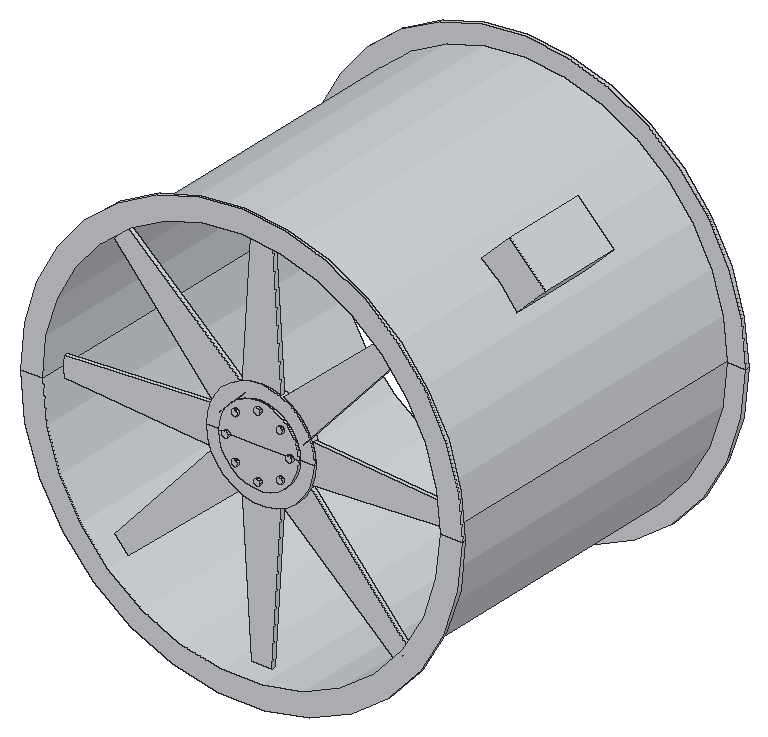
Revit family "CADS_Vent-Axia_MechEquip_Fan_LCA_630_3Ph4P - SUPPLY", category Mechanical Equipment, Revit 2020
Family settings
  Round Connector Dimension = Use Diameter
  Part Type = Normal
  OmniClass Number = 23.75.00.00
  OmniClass Title = Climate Control (HVAC)
  Work Plane-Based = No
  Always vertical = Yes
  Cut with Voids When Loaded = No
  Shared = No
  Room Calculation Point = No
Parameters (values of type "LCA633410")
  nr = NominalDiameter / 2  # 315 mm
  WorkingPressure = 0.0 Pa
  WarrantyStartDate [instance] = "1900-12-31T23:59:59"
  WarrantyPeriod = ""
  WarrantyIdentifier = "N/A"
  WarrantyGuarantorParts = "tech@vent-axia.com"
  WarrantyGuarantorLabor = "tech@vent-axia.com"
  WarrantyGuarantor = "Vent-Axia Limited"
  WarrantyEndDate [instance] = "1900-12-31T23:59:59"
  WarrantyContent = ""
  TemperatureRange = ""
  TagNumber [instance] = "N/A"
  SustainabilityPerformance = ""
  Status = "New"
  Size = ""
  Shape = ""
  ServiceLifeType = ""
  ServiceLifeDuration = ""
  SerialNumber [instance] = "N/A"
  ReplacementCost = ""
  RatedVoltage = 0 V
  RatedCurrent = 0 A
  Quantity = 1
  ProductionYear = ""
  PressureCurve = ""
  PowerFactor = ""
  PointOfContact = ""
  NumberOfPoles = 0
  NominalWidth = 630 mm
  NominalLength = 565 mm
  NominalHeight = 630 mm
  NominalFrequencyRange = ""
  NominalDiameter = 630 mm
  ModelReference = "LCAX 630mm 3PH 4P 10DEG"
  ModelNumber = "LCA633410"
  Material = ""
  ManufacturerE-Mail = "tech@vent-axia.com"
  ManufacturerAddress = "Fleming Way\nCrawley \nRH10 9YX"
  IsExtendedWarranty = no
  InsulationStandardClass = ""
  InstallationDate [instance] = "1900-12-31T23:59:59"
  IfcExportType [instance] = ""
  IfcExportAs = "IfcFanType"
  IP_Code = ""
  HasProtectiveEarth = no
  GrossWeight = 0.00 kg
  Grade = ""
  GlobalTradeItemNumber [instance] = "N/A"
  Fitting Type = "Ignore"
  Finish = ""
  Features = ""
  ExteriorInsulation = no
  ExpectedServiceLife = 0
  Exclusions = ""
  DurationUnit = "Year"
  Default Elevation = 0 mm
  Constituents = ""
  ConductorFunction = ""
  Color = ""
  CodePerformance = ""
  Category = ""
  CADS_Usage = 0
  CADS_Index = 0
  AssetType = "FIXED"
  AssetIdentifier [instance] = "N/A"
  AssemblyPlace = "UNKNOWN"
  ArticleNumber [instance] = "N/A"
  AirflowRateRange = 0.0 L/s
  Air Flow [instance] = 0.0 L/s
  AccessibilityPerformance = ""
Types (16, lengths in mm): name | ModelReference | ModelNumber
  LCA633410 | "LCAX 630mm 3PH 4P 10DEG" | "LCA633410"
  LCA633412 | "LCAX 630mm 3PH 4P 12DEG" | "LCA633412"
  LCA633414 | "LCAX 630mm 3PH 4P 14DEG" | "LCA633414"
  LCA633416 | "LCAX 630mm 3PH 4P 16DEG" | "LCA633416"
  LCA633418 | "LCAX 630mm 3PH 4P 18DEG" | "LCA633418"
  LCA633420 | "LCAX 630mm 3PH 4P 20DEG" | "LCA633420"
  LCA633422 | "LCAX 630mm 3PH 4P 22DEG" | "LCA633422"
  LCA633424 | "LCAX 630mm 3PH 4P 24DEG" | "LCA633424"
  LCA633426 | "LCAX 630mm 3PH 4P 26DEG" | "LCA633426"
  LCA633428 | "LCAX 630mm 3PH 4P 28DEG" | "LCA633428"
  LCA633430 | "LCAX 630mm 3PH 4P 30DEG" | "LCA633430"
  LCA633432 | "LCAX 630mm 3PH 4P 32DEG" | "LCA633432"
  LCA633434 | "LCAX 630mm 3PH 4P 34DEG" | "LCA633434"
  LCA633436 | "LCAX 630mm 3PH 4P 36DEG" | "LCA633436"
  LCA633438 | "LCAX 630mm 3PH 4P 38DEG" | "LCA633438"
  LCA633440 | "LCAX 630mm 3PH 4P 40DEG" | "LCA633440"
Reference planes
  plane 1 "Center (Front/Back)": y = 0
  plane 2: z = 0
  plane 3 "Center (Left/Right)": x = 0
  plane 4: x = -315
  plane 5: x = 315
  plane 6 "F": y = -282.5
  plane 7 "B": y = 282.5
  plane 8: x = -350
  plane 9: y = 277.5
  plane 10: y = -277.5
  plane 11: x = -320
  plane 12: y = -242.5
  plane 13 "top": z = 315
  plane 14: z = -315
  plane 15 "45deg": through (0, -1524, 0) normal (-0.7071, 0, -0.7071)
  plane 16 "C": through (0, -1524, 0) normal (-0.7071, 0, 0.7071)
Forms (mm)
  Revolve 1, solid
    sketch origin (0, 0, 0) x (1, 0, 0) y (0, 1, 0)
      loop
        line (-350, -282.5) -> (-315, -282.5) -> (-315, 282.5) -> (-350, 282.5) -> (-350, 277.5) -> (-320, 277.5) -> (-320, -277.5) -> (-350, -277.5) -> (-350, -282.5)
      axis (0, 282.5) -> (0, -282.5)
    angle from 0 to 360
  Sweep 2, solid
    path origin (0, 0, 0) x (1, 0, 0) y (0, 0, 1)
      loop
        line (222.739, 222.739) -> (268.701, 268.701)
    profile origin (245.72, 0, 245.72) x (-0.707107, 0, 0.707107) y (0, -1, 0)
      loop
        line (37.5, 55) -> (-42.73, 55) -> (-42.73, -79.5) -> (37.5, -79.5) -> (37.5, 55)
Dimensions and locks
  equal spacing: plane 4, plane 3 "Center (Left/Right)", plane 5
  equal spacing: plane 7 "B", plane 1 "Center (Front/Back)", plane 6 "F"
  "NominalLength": plane 7 "B" to plane 6 "F"
  "NominalDiameter": plane 4 to plane 5
  locked: plane 11 to plane 4 at 5
  locked: plane 8 to plane 11 at 30
  locked: plane 6 "F" to plane 10 at 5
  locked: plane 7 "B" to plane 9 at 5
  locked: plane 6 "F" to plane 12 at 40
  equal spacing: plane 13 "top", level, plane 14
  "NominalDiameter": plane 13 "top" to plane 14
  "nr": Sweep 2 sketch curve to nested 13
  Sweep 2 sketch curve to Sweep 2 sketch curve = 65 mm
  aligned and locked: level to plane 2
  aligned and locked: nested 1 to plane 12
Automatic sketch dimensions
  plane 6 "F" to Revolve 1 sketch curve = 0 mm
  Revolve 1 sketch curve to plane 8 = 0 mm  (x2)
  plane 10 to Revolve 1 sketch curve = 0 mm
  Revolve 1 sketch curve to plane 11 = 0 mm
  Revolve 1 sketch curve to plane 4 = 0 mm
  Revolve 1 sketch curve to plane 3 "Center (Left/Right)" = 0 mm
  plane 1 "Center (Front/Back)" to Revolve 1 sketch curve = 0 mm
  Revolve 1 sketch curve to plane 9 = 0 mm
  Revolve 1 sketch curve to plane 7 "B" = 0 mm
  plane 6 "F" to Revolve 1 sketch curve = 115 mm
  plane 1 "Center (Front/Back)" to Sweep 2 sketch curve = 55 mm
  Sweep 2 sketch curve to profile plane = 37.5 mm
  Sweep 2 sketch curve to Sweep 2 sketch curve = 80.23 mm
  Sweep 2 sketch curve to Sweep 2 sketch curve = 134.5 mm
  Sweep 2 sketch curve to plane 16 "C" = 0 mm  (x2)
Nested families
  nested 1: "Fan for ESC" at (0, -242.5, 0), ND <- "NominalDiameter", type "Fan for ESC"
    with hub 63 mm, ND 630 mm, BoltPCD 50.4 mm, Bolt Count 8, B_Diam 10 mm
  nested 2: "Bolts" at (0, -251.672, -50.4) x (-1, 0, 0) z (0, 1, 0), type "Bolts"
    with bd 10 mm
  nested 3: "Bolts" at (-35.638, -251.672, -35.638) x (-0.7071, 0, 0.7071) z (0, 1, 0), type "Bolts"
    with bd 10 mm
  nested 4: "Bolts" at (-50.4, -251.672, 0) x (0, 0, 1) z (0, 1, 0), type "Bolts"
    with bd 10 mm
  nested 5: "Bolts" at (-35.638, -251.672, 35.638) x (0.7071, 0, 0.7071) z (0, 1, 0), type "Bolts"
    with bd 10 mm
  nested 6: "Bolts" at (35.638, -251.672, 35.638) x (0.7071, 0, -0.7071) z (0, 1, 0), type "Bolts"
    with bd 10 mm
  nested 7: "Bolts" at (0, -251.672, 50.4) x (1, 0, 0) z (0, 1, 0), type "Bolts"
    with bd 10 mm
  nested 8: "ESC Blade" at (0, -242.5, 0), type "ESC Blade"
    with a 20.00°, HR 63 mm, HD 126 mm, BT 31.5 mm, BR 252 mm, BH 40 mm, BD 630 mm, BB 63 mm
  nested 9: "ESC Blade" at (0, -242.5, 0) x (0.7071, 0, -0.7071) z (0.7071, 0, 0.7071), type "ESC Blade"
    with a 20.00°, HR 63 mm, HD 126 mm, BT 31.5 mm, BR 252 mm, BH 40 mm, BD 630 mm, BB 63 mm
  nested 10: "ESC Blade" at (0, -242.5, 0) x (0, 0, -1) z (1, 0, 0), type "ESC Blade"
    with a 20.00°, HR 63 mm, HD 126 mm, BT 31.5 mm, BR 252 mm, BH 40 mm, BD 630 mm, BB 63 mm
  nested 11: "ESC Blade" at (0, -242.5, 0) x (-0.7071, 0, -0.7071) z (0.7071, 0, -0.7071), type "ESC Blade"
    with a 20.00°, HR 63 mm, HD 126 mm, BT 31.5 mm, BR 252 mm, BH 40 mm, BD 630 mm, BB 63 mm
  nested 12: "ESC Blade" at (0, -242.5, 0) x (-1, 0, 0) z (0, 0, -1), type "ESC Blade"
    with a 20.00°, HR 63 mm, HD 126 mm, BT 31.5 mm, BR 252 mm, BH 40 mm, BD 630 mm, BB 63 mm
  nested 13: "ESC Blade" at (0, -242.5, 0) x (-0.7071, 0, -0.7071) z (-0.7071, 0, 0.7071), type "ESC Blade"
    with a 20.00°, HR 63 mm, HD 126 mm, BT 31.5 mm, BR 252 mm, BH 40 mm, BD 630 mm, BB 63 mm
  nested 14: "ESC Blade" at (0, -242.5, 0) x (0, 0, -1) z (-1, 0, 0), type "ESC Blade"
    with a 20.00°, HR 63 mm, HD 126 mm, BT 31.5 mm, BR 252 mm, BH 40 mm, BD 630 mm, BB 63 mm
  nested 15: "ESC Blade" at (0, -242.5, 0) x (0.7071, 0, -0.7071) z (-0.7071, 0, -0.7071), type "ESC Blade"
    with a 20.00°, HR 63 mm, HD 126 mm, BT 31.5 mm, BR 252 mm, BH 40 mm, BD 630 mm, BB 63 mm
  nested 16: "Bolts" at (50.4, -251.672, 0) x (0, 0, -1) z (0, 1, 0), type "Bolts"
    with bd 10 mm
  nested 17: "Bolts" at (35.638, -251.672, -35.638) x (-0.7071, 0, -0.7071) z (0, 1, 0), type "Bolts"
    with bd 10 mm
Connectors
  hvac at (0, -282.5, 0), driven by "NominalDiameter", driven by "Air Flow"
    settings: on Revolve 1, index 1, duct flow 0.0 L/s, flow factor 0, pres drop 0.0 Pa, loss coef 0, conn angle 0.00°, conn width 304.8 mm, conn height 304.8 mm, conn diameter 630 mm, duct sys type 1, conn prof type 0, flow config 1, flow direction 1, loss method 0, conn ref index -1, conn util no, is conn primary yes, conn desc ""
  hvac at (0, 282.5, 0), driven by "NominalDiameter", driven by "Air Flow"
    settings: on Revolve 1, index 2, duct flow 0.0 L/s, flow factor 0, pres drop 0.0 Pa, loss coef 0, conn angle 0.00°, conn width 304.8 mm, conn height 304.8 mm, conn diameter 630 mm, duct sys type 1, conn prof type 0, flow config 0, flow direction 2, loss method 0, conn ref index -1, conn util no, is conn primary no, conn desc ""
Definition of nested family "Fan for ESC"
  Parameters (values of type "Fan for ESC")
    hub [instance] = ND / 10  # 56.7 mm
    ND [instance] = 567 mm
    Model = "."
    Default Elevation = 0 mm
    BoltPCD [instance] = hub - (hub * 0.2)  # 45.36 mm
    Bolt Count [instance] = if(hub < 50 mm, 6, 8)  # 8
    B_Diam [instance] = if(hub < 50 mm, 5 mm, 10 mm)  # 10 mm
  Reference planes
    plane 1 "Center (Front/Back)": y = 0
    plane 2: z = 0
    plane 3 "Center (Left/Right)": x = 0
    plane 4 "back": y = 20
    plane 5 "bolts": y = -9.172
    plane 6 "B": z = 56.7
    plane 7: x = -79.287
    plane 8: x = -56.7
    plane 9 "hubface": y = -6.172
  Forms (mm)
    Revolve 1, solid
      sketch origin (0, 0, 0) x (1, 0, 0) y (0, 1, 0)
        loop
          line (0, 20) -> (-56.7, 20) -> (-56.7, 10.504) -> (-79.287, 10.504) -> (-79.287, -2.597) -> (-56.7, -2.597) -> (-56.7, -6.172) -> (0, -6.172) -> (0, 20)
        axis (0, 20) -> (0, -6.172)
      angle from 0 to 360
    Extrusion 2, solid, not visible
      sketch origin (0, -6.347, -4) x (-1, 0, 0) y (0, 0, 1)
        loop
          circle (0, 84) r 5
      from 0 to 3
  Lines and regions (mm)
    symbolic lines
      curve 1: circle (0, -9.172, 0) r 45.36 normal (0, 1, 0)
    model lines, not visible
      curve 2: line (0, -6.347, 85) -> (0, -6.347, 75)
  Dimensions and locks
    "hub": plane 6 "B" to plane 2
    "hub": nested 3 to plane 3 "Center (Left/Right)"
    "hub": nested 4 to plane 3 "Center (Left/Right)"
    "hub": nested 5 to plane 3 "Center (Left/Right)"
    "hub": plane 3 "Center (Left/Right)" to nested 6
    "hub": Revolve 1 sketch curve to Revolve 1 sketch curve
    "hub": plane 3 "Center (Left/Right)" to nested 7
    "hub": plane 3 "Center (Left/Right)" to nested 8
    "hub": plane 3 "Center (Left/Right)" to nested 9
    "hub": plane 8 to plane 3 "Center (Left/Right)"
    plane 7 to plane 8 = 22.587 mm
    diameter of Extrusion 2 sketch curve = 10 mm
    "BoltPCD": radius of curve 1
    "BoltPCD": radius of radial array
    aligned and locked: level to plane 2
    aligned and locked: plane 6 "B" to nested 1
  Automatic sketch dimensions
    Revolve 1 sketch curve to plane 7 = 0 mm
    Revolve 1 sketch curve to plane 8 = 0 mm  (x2)
    Revolve 1 sketch curve to plane 3 "Center (Left/Right)" = 0 mm
    Revolve 1 sketch curve to plane 9 "hubface" = 0 mm
    plane 4 "back" to Revolve 1 sketch curve = 0 mm
    plane 1 "Center (Front/Back)" to Revolve 1 sketch curve = 2.597 mm
    plane 4 "back" to Revolve 1 sketch curve = 9.496 mm
    Revolve 1 sketch curve to Revolve 1 sketch curve = 5 mm
    Revolve 1 sketch curve to plane 4 "back" = 45 mm
    curve 1 to level = 0 mm
    curve 1 to plane 3 "Center (Left/Right)" = 0 mm
  Nested families
    nested 1: "ESC Blade" at (0, 0, 0), BD <- "ND", HD <- "hub", type "ESC Blade"
      with a 20.00°, HR 56.7 mm, HD 113.4 mm, BT 28.35 mm, BR 226.8 mm, BH 40 mm, BD 567 mm, BB 56.7 mm
    nested 2: "ESC Blade" at (0, 0, 755), BD <- "ND", HD <- "hub", type "ESC Blade", not visible
      with a 20.00°, HR 56.7 mm, HD 113.4 mm, BT 28.35 mm, BR 226.8 mm, BH 40 mm, BD 567 mm, BB 56.7 mm
    nested 3: "ESC Blade" at (0, 0, 0) x (0.7071, 0, -0.7071) z (0.7071, 0, 0.7071), BD <- "ND", HD <- "hub", type "ESC Blade"
      with a 20.00°, HR 56.7 mm, HD 113.4 mm, BT 28.35 mm, BR 226.8 mm, BH 40 mm, BD 567 mm, BB 56.7 mm
    nested 4: "ESC Blade" at (0, 0, 0) x (0, 0, -1) z (1, 0, 0), BD <- "ND", HD <- "hub", type "ESC Blade"
      with a 20.00°, HR 56.7 mm, HD 113.4 mm, BT 28.35 mm, BR 226.8 mm, BH 40 mm, BD 567 mm, BB 56.7 mm
    nested 5: "ESC Blade" at (0, 0, 0) x (-0.7071, 0, -0.7071) z (0.7071, 0, -0.7071), BD <- "ND", HD <- "hub", type "ESC Blade"
      with a 20.00°, HR 56.7 mm, HD 113.4 mm, BT 28.35 mm, BR 226.8 mm, BH 40 mm, BD 567 mm, BB 56.7 mm
    nested 6: "ESC Blade" at (0, 0, 0) x (-1, 0, 0) z (0, 0, -1), BD <- "ND", HD <- "hub", type "ESC Blade"
      with a 20.00°, HR 56.7 mm, HD 113.4 mm, BT 28.35 mm, BR 226.8 mm, BH 40 mm, BD 567 mm, BB 56.7 mm
    nested 7: "ESC Blade" at (0, 0, 0) x (-0.7071, 0, -0.7071) z (-0.7071, 0, 0.7071), BD <- "ND", HD <- "hub", type "ESC Blade"
      with a 20.00°, HR 56.7 mm, HD 113.4 mm, BT 28.35 mm, BR 226.8 mm, BH 40 mm, BD 567 mm, BB 56.7 mm
    nested 8: "ESC Blade" at (0, 0, 0) x (0, 0, -1) z (-1, 0, 0), BD <- "ND", HD <- "hub", type "ESC Blade"
      with a 20.00°, HR 56.7 mm, HD 113.4 mm, BT 28.35 mm, BR 226.8 mm, BH 40 mm, BD 567 mm, BB 56.7 mm
    nested 9: "ESC Blade" at (0, 0, 0) x (0.7071, 0, -0.7071) z (-0.7071, 0, -0.7071), BD <- "ND", HD <- "hub", type "ESC Blade"
      with a 20.00°, HR 56.7 mm, HD 113.4 mm, BT 28.35 mm, BR 226.8 mm, BH 40 mm, BD 567 mm, BB 56.7 mm
    nested 10: "Bolts" at (0, -9.172, 45.36) x (1, 0, 0) z (0, 1, 0), bd <- "B_Diam", type "Bolts"
      with bd 10 mm
    nested 11: "Bolts" at (32.074, -9.172, 32.074) x (0.7071, 0, -0.7071) z (0, 1, 0), bd <- "B_Diam", type "Bolts"
      with bd 10 mm
    nested 12: "Bolts" at (-32.074, -9.172, 32.074) x (0.7071, 0, 0.7071) z (0, 1, 0), bd <- "B_Diam", type "Bolts"
      with bd 10 mm
    nested 13: "Bolts" at (-45.36, -9.172, 0) x (0, 0, 1) z (0, 1, 0), bd <- "B_Diam", type "Bolts"
      with bd 10 mm
    nested 14: "Bolts" at (-32.074, -9.172, -32.074) x (-0.7071, 0, 0.7071) z (0, 1, 0), bd <- "B_Diam", type "Bolts"
      with bd 10 mm
    nested 15: "Bolts" at (0, -9.172, -45.36) x (-1, 0, 0) z (0, 1, 0), bd <- "B_Diam", type "Bolts"
      with bd 10 mm
    nested 16: "Bolts" at (32.074, -9.172, -32.074) x (-0.7071, 0, -0.7071) z (0, 1, 0), bd <- "B_Diam", type "Bolts"
      with bd 10 mm
    nested 17: "Bolts" at (45.36, -9.172, 0) x (0, 0, -1) z (0, 1, 0), bd <- "B_Diam", type "Bolts"
      with bd 10 mm
  Definition of nested family "ESC Blade"
    Parameters (values of type "ESC Blade")
      a [instance] = 20.00°
      HR [instance] = HD / 2  # 30 mm
      HD [instance] = BD / 5  # 60 mm
      Default Elevation = 1219.2 mm
      BT [instance] = BD / 20  # 15 mm
      BR [instance] = (BD / 2) - HR  # 120 mm
      BH [instance] = 40 mm
      BD [instance] = 300 mm
      BB [instance] = BD / 10  # 30 mm
    Reference planes
      plane 1 "Center (Front/Back)": y = 0
      plane 2: z = 0
      plane 3 "Center (Left/Right)": x = 0
      plane 4 "Blade Bot": z = 30
      plane 5: x = -15
      plane 6: x = 15
      plane 7: x = -7.5
      plane 8: x = 7.5
    Forms (mm)
      Blend 1, solid
        base sketch origin (0, 0, 30) x (-1, 0, 0) y (0, -1, 0)
          loop
            line (15, 0) -> (-15, 0) -> (-15, -6) -> (15, -6) -> (15, 0)
        top sketch origin (0, 0, 30) x (-1, 0, 0) y (0, -1, 0)
          loop
            line (7.5, -6) -> (7.5, 0) -> (-7.5, 0) -> (-7.5, -6) -> (7.5, -6)
        from 0 to 120 <- "BR"
    Dimensions and locks
      "HR": plane 4 "Blade Bot" to level
      equal spacing: plane 8, plane 3 "Center (Left/Right)", plane 7
      "BT": plane 8 to plane 7
      equal spacing: plane 6, plane 3 "Center (Left/Right)", plane 5
      "BB": plane 6 to plane 5
      aligned and locked: level to plane 2
    Automatic sketch dimensions
      plane 1 "Center (Front/Back)" to Blend 1 sketch curve = 0 mm  (x2)
      Blend 1 sketch curve to plane 6 = 0 mm
      Blend 1 sketch curve to plane 5 = 0 mm
      Blend 1 sketch curve to plane 1 "Center (Front/Back)" = 6 mm  (x2)
      Blend 1 sketch curve to plane 8 = 0 mm
      Blend 1 sketch curve to plane 7 = 0 mm
  Definition of nested family "Bolts"
    Parameters
      bd [instance] = 10 mm
      Default Elevation = 1219.2 mm
    Reference planes
      plane 1 "Center (Front/Back)": y = 0
      plane 2: z = 0
      plane 3 "Center (Left/Right)": x = 0
    Forms (mm)
      Extrusion 1, solid
        sketch origin (0, 0, 0) x (1, 0, 0) y (0, 1, 0)
          loop
            line (-1219.2, 1219.2) -> (-1219.2, -1219.2) -> (1219.2, -1219.2) -> (1219.2, 1219.2) -> (-1219.2, 1219.2)
        from 0 to -304.8
      Extrusion 2, solid
        sketch origin (0, 0, 0) x (1, 0, 0) y (0, 1, 0)
          loop
            circle (0, 0) r 5
        from 0 to 3
    Dimensions and locks
      "bd": diameter of Extrusion 2 sketch curve
      aligned and locked: plane 2 to Extrusion 1
      aligned and locked: level to Extrusion 1
    Automatic sketch dimensions
      Extrusion 1 sketch curve to Extrusion 1 sketch curve = 2438.4 mm  (x2)
      plane 1 "Center (Front/Back)" to Extrusion 2 sketch curve = 0 mm
      Extrusion 2 sketch curve to plane 3 "Center (Left/Right)" = 0 mm
Definition of nested family "Bolts"
  Parameters
    bd [instance] = 10 mm
    Default Elevation = 1219.2 mm
  Reference planes
    plane 1 "Center (Front/Back)": y = 0
    plane 2: z = 0
    plane 3 "Center (Left/Right)": x = 0
  Forms (mm)
    Extrusion 1, solid
      sketch origin (0, 0, 0) x (1, 0, 0) y (0, 1, 0)
        loop
          line (-1219.2, 1219.2) -> (-1219.2, -1219.2) -> (1219.2, -1219.2) -> (1219.2, 1219.2) -> (-1219.2, 1219.2)
      from 0 to -304.8
    Extrusion 2, solid
      sketch origin (0, 0, 0) x (1, 0, 0) y (0, 1, 0)
        loop
          circle (0, 0) r 5
      from 0 to 3
  Dimensions and locks
    "bd": diameter of Extrusion 2 sketch curve
    aligned and locked: plane 2 to Extrusion 1
    aligned and locked: level to Extrusion 1
  Automatic sketch dimensions
    Extrusion 1 sketch curve to Extrusion 1 sketch curve = 2438.4 mm  (x2)
    plane 1 "Center (Front/Back)" to Extrusion 2 sketch curve = 0 mm
    Extrusion 2 sketch curve to plane 3 "Center (Left/Right)" = 0 mm
Definition of nested family "ESC Blade"
  Parameters (values of type "ESC Blade")
    a [instance] = 20.00°
    HR [instance] = HD / 2  # 30 mm
    HD [instance] = BD / 5  # 60 mm
    Default Elevation = 1219.2 mm
    BT [instance] = BD / 20  # 15 mm
    BR [instance] = (BD / 2) - HR  # 120 mm
    BH [instance] = 40 mm
    BD [instance] = 300 mm
    BB [instance] = BD / 10  # 30 mm
  Reference planes
    plane 1 "Center (Front/Back)": y = 0
    plane 2: z = 0
    plane 3 "Center (Left/Right)": x = 0
    plane 4 "Blade Bot": z = 30
    plane 5: x = -15
    plane 6: x = 15
    plane 7: x = -7.5
    plane 8: x = 7.5
  Forms (mm)
    Blend 1, solid
      base sketch origin (0, 0, 30) x (-1, 0, 0) y (0, -1, 0)
        loop
          line (15, 0) -> (-15, 0) -> (-15, -6) -> (15, -6) -> (15, 0)
      top sketch origin (0, 0, 30) x (-1, 0, 0) y (0, -1, 0)
        loop
          line (7.5, -6) -> (7.5, 0) -> (-7.5, 0) -> (-7.5, -6) -> (7.5, -6)
      from 0 to 120 <- "BR"
  Dimensions and locks
    "HR": plane 4 "Blade Bot" to level
    equal spacing: plane 8, plane 3 "Center (Left/Right)", plane 7
    "BT": plane 8 to plane 7
    equal spacing: plane 6, plane 3 "Center (Left/Right)", plane 5
    "BB": plane 6 to plane 5
    aligned and locked: level to plane 2
  Automatic sketch dimensions
    plane 1 "Center (Front/Back)" to Blend 1 sketch curve = 0 mm  (x2)
    Blend 1 sketch curve to plane 6 = 0 mm
    Blend 1 sketch curve to plane 5 = 0 mm
    Blend 1 sketch curve to plane 1 "Center (Front/Back)" = 6 mm  (x2)
    Blend 1 sketch curve to plane 8 = 0 mm
    Blend 1 sketch curve to plane 7 = 0 mm
